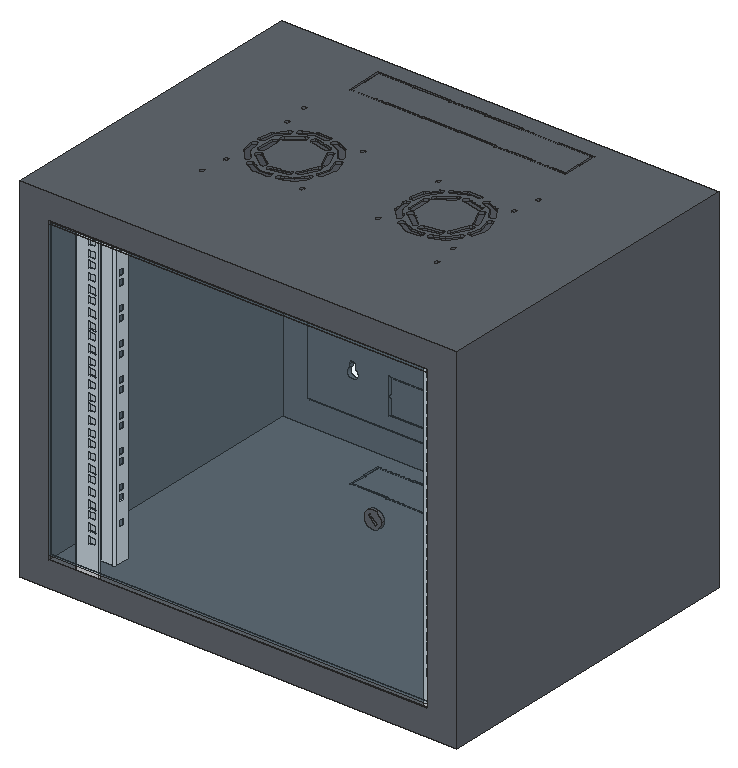
Revit family "Fix wallmount cabinets Legrand Linkeo with fix side panels", category Equipement spécialisé, Revit 2020 (continued)
Automatic sketch dimensions
  Extrusion 62 sketch curve to Extrusion 62 sketch curve = 22.25 mm
  Extrusion 63 sketch curve to Extrusion 63 sketch curve = 9.50 mm  (x2)
  Extrusion 64 sketch curve to Extrusion 64 sketch curve = 0.00 mm
  Extrusion 64 sketch curve to Extrusion 64 sketch curve = 9.50 mm  (x4)
  Extrusion 64 sketch curve to Extrusion 64 sketch curve = 22.25 mm
  Extrusion 65 sketch curve to Extrusion 65 sketch curve = 9.50 mm  (x2)
  Extrusion 66 sketch curve to Extrusion 66 sketch curve = 0.00 mm
  Extrusion 66 sketch curve to Extrusion 66 sketch curve = 9.50 mm  (x4)
  Extrusion 66 sketch curve to Extrusion 66 sketch curve = 22.25 mm
  Extrusion 67 sketch curve to Extrusion 67 sketch curve = 9.50 mm  (x2)
  Extrusion 68 sketch curve to Extrusion 68 sketch curve = 0.00 mm
  Extrusion 68 sketch curve to Extrusion 68 sketch curve = 9.50 mm  (x4)
  Extrusion 68 sketch curve to Extrusion 68 sketch curve = 22.25 mm
  Extrusion 69 sketch curve to Extrusion 69 sketch curve = 9.50 mm  (x2)
  Extrusion 70 sketch curve to Extrusion 70 sketch curve = 9.50 mm  (x2)
  Extrusion 71 sketch curve to Extrusion 71 sketch curve = 9.50 mm  (x2)
  Extrusion 72 sketch curve to Extrusion 72 sketch curve = 9.50 mm  (x2)
  Extrusion 73 sketch curve to Extrusion 73 sketch curve = 9.50 mm  (x2)
  Extrusion 74 sketch curve to Extrusion 74 sketch curve = 9.50 mm  (x2)
  Extrusion 75 sketch curve to Extrusion 75 sketch curve = 9.50 mm  (x2)
  radius of Extrusion 53 sketch curve = 12.00 mm
  radius of Extrusion 55 sketch curve = 12.00 mm
  radius of Extrusion 6 sketch curve = 2.75 mm  (x12)
  radius of Extrusion 57 sketch curve = 2.75 mm  (x12)
Connectors
  electrical at (302.5, -2, 246)
    settings: on cut or joined group of Extrusion 1, Extrusion 2, Extrusion 3, Extrusion 6, Extrusion 7, Extrusion 8, Extrusion 40, index 1, voltage 0 V, apparent load 0 VA, apparent load phase1 0 VA, apparent load phase2 0 VA, apparent load phase3 0 VA, power factor 1, load classification "Autre", number of poles 1, system type 31, power factor state 1, is connector primary yes, connector utility no, sub classification motor no, connector description ""
Types (12, lengths in mm): name | Y fixation | Usable height (mm) | Number of height units | Max load capacity | Legrand part number | E-catalogue link | Depth (mm) | Height (mm) | EAN | BIM wording
  Fix wallmount cabinet Legrand Linkeo with fix side panels 12U W600 D450 646202.rfa | 419.00 | 555.00 | 12 | "36" | "646202" | "https://www.legrand.fr/reference/646202/pro" | 454.00 | 625.00 | "3414970967794" | "Fix wallmount cabinet Legrand Linkeo with fix side panels 12U W600 D450 646202.rfa"
  Fix wallmount cabinet Legrand Linkeo with fix side panels 12U W600 D600 646212.rfa | 419.00 | 555.00 | 12 | "36" | "646212" | "https://www.legrand.fr/reference/646212/pro" | 604.00 | 625.00 | "3414970967855" | "Fix wallmount cabinet Legrand Linkeo with fix side panels 12U W600 D600 646212.rfa"
  Fix wallmount cabinet Legrand Linkeo with fix side panels 15U W600 D450 646203.rfa | 552.00 | 688.00 | 15 | "45" | "646203" | "https://www.legrand.fr/reference/646203/pro" | 454.00 | 759.00 | "3414970967800" | "Fix wallmount cabinet Legrand Linkeo with fix side panels 15U W600 D450 646203.rfa"
  Fix wallmount cabinet Legrand Linkeo with fix side panels 15U W600 D600 646213.rfa | 552.00 | 688.00 | 15 | "45" | "646213" | "https://www.legrand.fr/reference/646213/pro" | 604.00 | 759.00 | "3414970967862" | "Fix wallmount cabinet Legrand Linkeo with fix side panels 15U W600 D600 646213.rfa"
  Fix wallmount cabinet Legrand Linkeo with fix side panels 18U W600 D450 646204.rfa | 685.00 | 821.00 | 18 | "54" | "646204" | "https://www.legrand.fr/reference/646204/pro" | 454.00 | 892.00 | "3414970967817" | "Fix wallmount cabinet Legrand Linkeo with fix side panels 18U W600 D450 646204.rfa"
  Fix wallmount cabinet Legrand Linkeo with fix side panels 18U W600 D600 646214.rfa | 685.00 | 821.00 | 18 | "54" | "646214" | "https://www.legrand.fr/reference/646214/pro" | 604.00 | 892.00 | "3414970967879" | "Fix wallmount cabinet Legrand Linkeo with fix side panels 18U W600 D600 646214.rfa"
  Fix wallmount cabinet Legrand Linkeo with fix side panels 21U W600 D450 646205.rfa | 819.00 | 955.00 | 21 | "63" | "646205" | "https://www.legrand.fr/reference/646205/pro" | 454.00 | 1025.00 | "3414970967824" | "Fix wallmount cabinet Legrand Linkeo with fix side panels 21U W600 D450 646205.rfa"
  Fix wallmount cabinet Legrand Linkeo with fix side panels 21U W600 D600 646215.rfa | 819.00 | 955.00 | 21 | "63" | "646215" | "https://www.legrand.fr/reference/646215/pro" | 604.00 | 1025.00 | "3414970967886" | "Fix wallmount cabinet Legrand Linkeo with fix side panels 21U W600 D600 646215.rfa"
  Fix wallmount cabinet Legrand Linkeo with fix side panels 6U W600 D450 646200.rfa | 152.00 | 288.00 | 6 | "18" | "646200" | "https://www.legrand.fr/reference/646200/pro" | 454.00 | 359.00 | "3414970967770" | "Fix wallmount cabinet Legrand Linkeo with fix side panels 6U W600 D450 646200.rfa"
  Fix wallmount cabinet Legrand Linkeo with fix side panels 6U W600 D600 646210.rfa | 152.00 | 288.00 | 6 | "18" | "646210" | "https://www.legrand.fr/reference/646210/pro" | 604.00 | 359.00 | "3414970967831" | "Fix wallmount cabinet Legrand Linkeo with fix side panels 6U W600 D600 646210.rfa"
  Fix wallmount cabinet Legrand Linkeo with fix side panels 9U W600 D450 646201.rfa | 286.00 | 422.00 | 9 | "27" | "646201" | "https://www.legrand.fr/reference/646201/pro" | 454.00 | 492.00 | "3414970967787" | "Fix wallmount cabinet Legrand Linkeo with fix side panels 9U W600 D450 646201.rfa"
  Fix wallmount cabinet Legrand Linkeo with fix side panels 9U W600 D600 646211.rfa | 286.00 | 422.00 | 9 | "27" | "646211" | "https://www.legrand.fr/reference/646211/pro" | 604.00 | 492.00 | "3414970967848" | "Fix wallmount cabinet Legrand Linkeo with fix side panels 9U W600 D600 646211.rfa"
